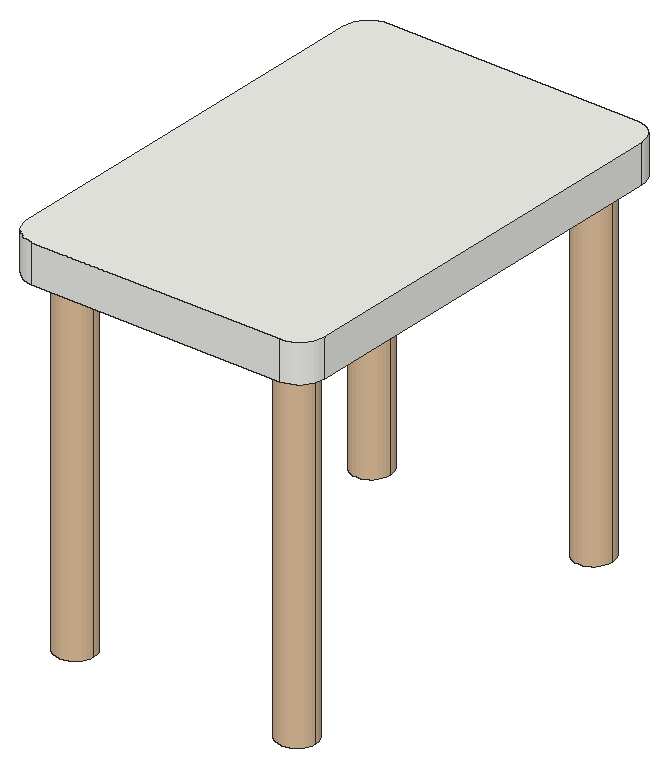
Revit family
Parameters (values of type "600 x 900mm")
  Material Legs = Wood - Birch
  Keynote = "N"
  Height = 760.00 mm
  Length = 600.00 mm
  Material Top = Laminate - Ivory, Matte
  Width = 900.00 mm
  Assembly Code = ""
Types (3, lengths in mm): name | Height | Length | Width
  600 x 600mm | 760.00 | 600.00 | 600.00
  750 x 750mm | 450.00 | 750.00 | 750.00
  600 x 900mm | 760.00 | 600.00 | 900.00
Reference planes
  plane 1: y = 152.4
  plane 2: z = 0
  plane 3 "Left": x = 3.734
  plane 4 "Right": x = 603.734
  plane 5 "Back": y = 602.4
  plane 6 "Front": y = -297.6
  plane 7: x = 303.734
Forms (mm)
  Extrusion 1, solid, material "Laminate - Ivory, Matte" <- "Material Top"
    sketch origin (0, 0, 0) x (1, 0, 0) y (0, 1, 0)
      loop
        line (54.534, -297.6) -> (552.934, -297.6)
        arc (552.934, -297.6) -> (588.855, -282.721) -> (603.734, -246.8) r 50.8
        line (603.734, -246.8) -> (603.734, 551.6)
        arc (603.734, 551.6) -> (588.855, 587.521) -> (552.934, 602.4) r 50.8
        line (552.934, 602.4) -> (54.534, 602.4)
        arc (54.534, 602.4) -> (18.613, 587.521) -> (3.734, 551.6) r 50.8
        line (3.734, 551.6) -> (3.734, -246.8)
        arc (3.734, -246.8) -> (18.613, -282.721) -> (54.534, -297.6) r 50.8
    from 683.8 to 760
  Extrusion 2, solid, material "Wood - Birch" <- "Material Legs"
    sketch origin (0, 0, 0) x (1, 0, 0) y (0, 1, 0)
      loop
        circle (79.934, 526.2) r 38.1
      loop
        circle (79.934, -221.4) r 38.1
      loop
        circle (527.534, -221.4) r 38.1
      loop
        circle (527.534, 526.2) r 38.1
    from 0 to 683.8
Lines and regions (mm)
  Masking region 1
    outline origin (0, 0, 0) x (1, 0, 0) y (0, 1, 0)
      loop
        line (552.934, 602.4) -> (54.534, 602.4)
        arc (54.534, 602.4) -> (18.613, 587.521) -> (3.734, 551.6) r 50.8
        line (3.734, 551.6) -> (3.734, -246.8)
        arc (3.734, -246.8) -> (18.613, -282.721) -> (54.534, -297.6) r 50.8
        line (54.534, -297.6) -> (552.934, -297.6)
        arc (552.934, -297.6) -> (588.855, -282.721) -> (603.734, -246.8) r 50.8
        line (603.734, -246.8) -> (603.734, 551.6)
        arc (603.734, 551.6) -> (588.855, 587.521) -> (552.934, 602.4) r 50.8
  symbolic lines, style "Furniture"
    curve 1: line (3.734, 551.6, 0) -> (3.734, -246.8, 0)
    curve 2: line (552.934, 602.4, 0) -> (54.534, 602.4, 0)
    curve 3: line (603.734, -246.8, 0) -> (603.734, 551.6, 0)
    curve 4: line (54.534, -297.6, 0) -> (552.934, -297.6, 0)
    curve 5: arc (3.734, -246.8, 0) -> (18.613, -282.721, 0) -> (54.534, -297.6, 0) r 50.8
    curve 6: arc (54.534, 602.4, 0) -> (18.613, 587.521, 0) -> (3.734, 551.6, 0) r 50.8
    curve 7: arc (603.734, 551.6, 0) -> (588.855, 587.521, 0) -> (552.934, 602.4, 0) r 50.8
    curve 8: arc (552.934, -297.6, 0) -> (588.855, -282.721, 0) -> (603.734, -246.8, 0) r 50.8
Dimensions and locks
  locked: Extrusion 1 to Extrusion 1 at 76.2
  "Height": Extrusion 1 to plane 2
  locked: Extrusion 1 to Extrusion 2 sketch curve at 76.2  (x8)
  "Width": plane 5 "Back" to plane 6 "Front"
  "Length": plane 3 "Left" to plane 4 "Right"
  equal spacing: plane 5 "Back", plane 1, plane 6 "Front"
  equal spacing: plane 3 "Left", plane 7, plane 4 "Right"
  radius of Extrusion 1 sketch curve = 50.80 mm  (x4)
  aligned and locked: plane 2 to level
  aligned and locked: plane 6 "Front" to Extrusion 1 sketch curve
  aligned and locked: Extrusion 2 to Extrusion 1
  aligned: Masking region 1 sketch curve to curve 2
  aligned: Masking region 1 sketch curve to curve 6
  aligned: Masking region 1 sketch curve to curve 1
  aligned: Masking region 1 sketch curve to curve 5
  aligned: Masking region 1 sketch curve to curve 4
  aligned: Masking region 1 sketch curve to curve 8
  aligned: Masking region 1 sketch curve to curve 3
  aligned: Masking region 1 sketch curve to curve 7
Automatic sketch dimensions
  Extrusion 2 sketch curve to Extrusion 2 sketch curve = 38.10 mm  (x4)
  Extrusion 1 sketch curve to plane 3 "Left" = 0.00 mm
  Extrusion 1 sketch curve to plane 4 "Right" = 0.00 mm
  Extrusion 1 sketch curve to plane 5 "Back" = 0.00 mm
  curve 1 to plane 3 "Left" = 0.00 mm
  curve 2 to plane 5 "Back" = 0.00 mm
  curve 5 to plane 6 "Front" = 0.00 mm
  curve 3 to plane 4 "Right" = 0.00 mm
  plane 3 "Left" to curve 2 = 50.80 mm
  plane 3 "Left" to curve 5 = 50.80 mm
  plane 4 "Right" to curve 2 = 50.80 mm
  plane 4 "Right" to curve 8 = 50.80 mm
  Masking region 1 sketch curve to plane 3 "Left" = 0.00 mm
  Masking region 1 sketch curve to plane 5 "Back" = 0.00 mm
  Masking region 1 sketch curve to plane 6 "Front" = 0.00 mm
  Masking region 1 sketch curve to plane 4 "Right" = 0.00 mm
  plane 3 "Left" to Masking region 1 sketch curve = 50.80 mm  (x2)
  plane 4 "Right" to Masking region 1 sketch curve = 50.80 mm  (x2)
